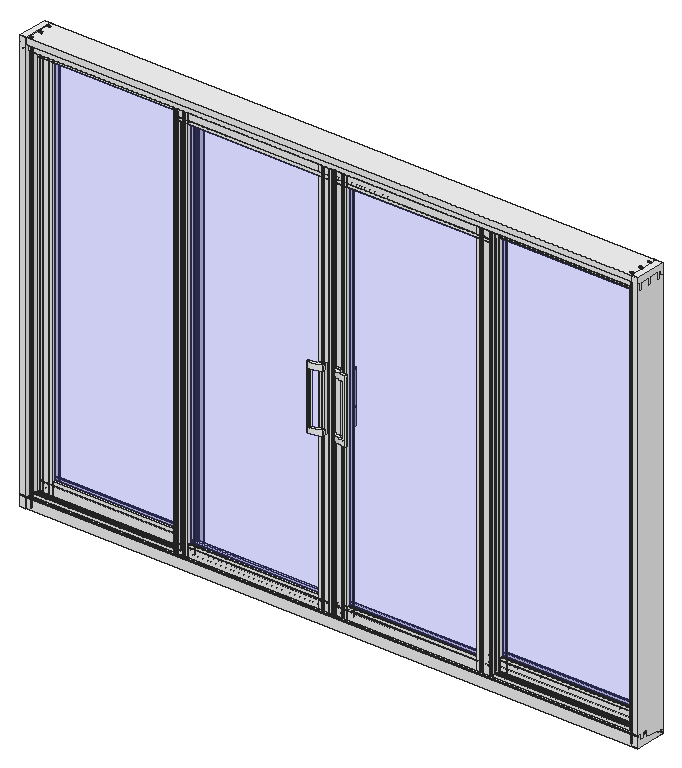
Revit family "Patio-Door_650_4-Light_OXXO_Novatech", category Doors, host Wall, Revit 2026 (continued)
Definition of nested family "NOVATECH 650_4 LIGHT_SASH_O_RIGHT"
  Dimensions and locks (in)
    aligned and locked: nested 4 to plane 2
    aligned and locked: plane 6 to nested 4
    aligned and locked: plane 6 to nested 2
    aligned and locked: plane 5 to nested 4
  Automatic sketch dimensions
    Extrusion 1 sketch curve to plane 1 "Center (Front/Back)" = 0.33268"
    plane 5 to Extrusion 1 sketch curve = 0.78339"
    Extrusion 1 sketch curve to plane 4 = 2.03858"
  Nested families (in)
    nested 1: "NOVATECH_650_3 LIGHT_OXO_SASH_O_SILL" at (-18.89875, 0, -0.90071), type "O SILL"
      with built-in parameter 1001306 3.0452 (stored number, unit not read)
    nested 2: "NOVATECH_650_3 LIGHT_OXO_SASH_O_HEADER" at (-18.89875, 0, 89.3425), type "O HEADER"
      with Length 36.5423"
    nested 3: "NOVATECH_650_3 LIGHT_OXO_SASH_O_RIGHT" at (17.64355, 1.65748, 0) x (0, -1, 0) z (0, 0, 1), type "O RIGHT"
    nested 4: "NOVATECH_650_3 LIGHT_OXO_SASH_O_LEFT" at (-18.98924, 0, -6.90071) x (0, -1, 0) z (0, 0, 1), type "O LEFT"
      with Length 92.84602"
  Definition of nested family "NOVATECH_650_3 LIGHT_OXO_SASH_O_SILL"
    Parameters (values of type "O SILL")
      built-in parameter 1001306 [instance] = 48"
      Frame Material = none
      Default Elevation = 0"
    Reference planes (in)
      plane 1 "Center (Front/Back)": y = 0
      plane 2: z = 0
      plane 3 "Left": x = 0
      plane 4 "Right": x = 48
    Forms (in)
      Extrusion 1, solid, material <- "Frame Material"
        sketch origin (0, 1.73783, -0.73585) x (0, 1, 0) y (0, 0, 1)
          loop
            line (-1.73783, 0.74728) -> (-1.66284, 0.76031) -> (-1.66284, 1.06506) -> (-1.2259, 1.11871) -> (-1.2259, 0.89525) -> (-1.15091, 0.90723) -> (-1.15091, 1.25234) -> (-0.66331, 1.31761) -> (-0.66331, 0.9543) -> (-0.58836, 0.9543) -> (-0.58836, 1.56157) -> (-0.15898, 1.56157) -> (-0.15898, 1.16397) -> (-0.15898, 1.0419) -> (-0.08399, 1.05192) -> (-0.08399, 1.54657)
            arc (-0.08399, 1.54657) -> (-0.11035, 1.6102) -> (-0.17398, 1.63656) r 0.08999
            line (-0.17398, 1.63656) -> (-0.59596, 1.63656) -> (-0.59596, 2.1593)
            arc (-0.59596, 2.1593) -> (-0.53868, 2.17872) -> (-0.57444, 2.2275) r 0.0375
            line (-0.57444, 2.2275) -> (-1.24738, 2.2275)
            arc (-1.24738, 2.2275) -> (-1.28314, 2.17875) -> (-1.2259, 2.15927) r 0.0375
            line (-1.2259, 2.15927) -> (-1.2259, 1.63656) -> (-1.56485, 1.63656) -> (-1.56485, 1.44958) -> (-1.66284, 1.44958) -> (-1.66284, 1.61656) -> (-1.71283, 1.61656)
            arc (-1.71283, 1.61656) -> (-1.73051, 1.60924) -> (-1.73783, 1.59156) r 0.025
            line (-1.73783, 1.59156) -> (-1.73783, 0.74728)
        from 0 to 48
      Extrusion 2, solid, material <- "Frame Material"
        sketch origin (0, -0.42731, -0.73603) x (0, 1, 0) y (0, 0, 1)
          loop
            line (0.42549, 4.17599) -> (0.42549, 1.6958)
            arc (0.42549, 1.6958) -> (0.44279, 1.65404) -> (0.48454, 1.63674) r 0.05906
            line (0.48454, 1.63674) -> (0.80147, 1.63674)
            arc (0.80147, 1.63674) -> (0.84323, 1.65404) -> (0.86053, 1.6958) r 0.05906
            line (0.86053, 1.6958) -> (0.86053, 1.77884) -> (0.80935, 1.77884) -> (0.80935, 1.71585) -> (0.75817, 1.71585) -> (0.75817, 2.02294) -> (0.80935, 2.02294) -> (0.80935, 1.95994) -> (0.86053, 1.95994) -> (0.86053, 2.3454) -> (1.64793, 2.3454) -> (1.64793, 1.95994) -> (1.69911, 1.95994) -> (1.69911, 2.02294) -> (1.75029, 2.02294) -> (1.75029, 1.71585) -> (1.69911, 1.71585) -> (1.69911, 1.77884) -> (1.64793, 1.77884) -> (1.64793, 1.6958)
            arc (1.64793, 1.6958) -> (1.66523, 1.65404) -> (1.70699, 1.63674) r 0.05906
            line (1.70699, 1.63674) -> (2.02392, 1.63674)
            arc (2.02392, 1.63674) -> (2.06567, 1.65404) -> (2.08297, 1.6958) r 0.05906
            line (2.08297, 1.6958) -> (2.08297, 3.55013) -> (2.00423, 3.55013) -> (2.00423, 3.21548) -> (1.81132, 3.21548) -> (1.81132, 3.31391) -> (1.8625, 3.31391) -> (1.8625, 3.55013) -> (1.56667, 3.55013) -> (1.56667, 3.67484) -> (0.66171, 3.67484) -> (0.66171, 4.19825) -> (0.69517, 4.19825) -> (0.69517, 4.23956) -> (0.45091, 4.20523)
            arc (0.45091, 4.20523) -> (0.43273, 4.19536) -> (0.42549, 4.17599) r 0.02953
          loop
            line (1.69517, 4.23762) -> (1.71486, 4.19825) -> (1.71487, 3.5801)
            arc (1.71487, 3.5801) -> (1.72181, 3.56704) -> (1.73652, 3.5655) r 0.01575
            line (1.73652, 3.5655) -> (1.84331, 3.60175) -> (1.92642, 3.54998) -> (1.91529, 3.40448) -> (1.88082, 3.31916)
            arc (1.88082, 3.31916) -> (1.86487, 3.28911) -> (1.88554, 3.26209) r 0.0315
            arc (1.88554, 3.26209) -> (1.92249, 3.26427) -> (1.94809, 3.29101) r 0.05066
            line (1.94809, 3.29101) -> (1.98203, 3.37396) -> (1.99604, 3.55737)
            arc (1.99604, 3.55737) -> (2.00631, 3.57704) -> (2.02845, 3.57867) r 0.0228
            line (2.02845, 3.57867) -> (2.05935, 3.56591)
            arc (2.05935, 3.56591) -> (2.0751, 3.56591) -> (2.08297, 3.57955) r 0.01575
            line (2.08297, 3.57955) -> (2.08297, 4.20809)
            arc (2.08297, 4.20809) -> (2.07432, 4.22897) -> (2.05344, 4.23762) r 0.02953
            line (2.05344, 4.23762) -> (1.69517, 4.23762)
        from 0 to 48
    Lines and regions (in)
      reference lines
        curve 1: line (0, 0.91091, 0) -> (48, 0.91091, 0)
    Dimensions and locks (in)
      "built-in parameter 1001306": plane 3 "Left" to plane 4 "Right"
      aligned and locked: plane 4 "Right" to curve 1
      aligned and locked: plane 3 "Left" to curve 1
      aligned and locked: level to plane 2
      aligned and locked: Extrusion 1 to plane 3 "Left"
      aligned and locked: Extrusion 2 to plane 3 "Left"
      aligned and locked: plane 4 "Right" to Extrusion 2
      aligned and locked: plane 4 "Right" to Extrusion 1
    Automatic sketch dimensions
      plane 1 "Center (Front/Back)" to Extrusion 1 sketch curve = 0"
      Extrusion 1 sketch curve to Extrusion 1 sketch curve = 0.025"
      Extrusion 1 sketch curve to Extrusion 1 sketch curve = 0.07499"  (x4)
      Extrusion 1 sketch curve to Extrusion 1 sketch curve = 0.05"
      Extrusion 1 sketch curve to Extrusion 1 sketch curve = 0.09799"
      Extrusion 1 sketch curve to Extrusion 1 sketch curve = 0.31747"
      Extrusion 1 sketch curve to Extrusion 1 sketch curve = 0.02148"
      Extrusion 1 sketch curve to Extrusion 1 sketch curve = 0.06735"
      Extrusion 1 sketch curve to Extrusion 1 sketch curve = 0.0076"
      Extrusion 1 sketch curve to Extrusion 1 sketch curve = 0.02152"
      Extrusion 1 sketch curve to Extrusion 1 sketch curve = 0.015"
      Extrusion 1 sketch curve to Extrusion 1 sketch curve = 0.01003"
      Extrusion 1 sketch curve to Extrusion 1 sketch curve = 0.22346"
      Extrusion 1 sketch curve to Extrusion 1 sketch curve = 0.12208"
      Extrusion 1 sketch curve to Extrusion 1 sketch curve = 0.13363"
      Extrusion 1 sketch curve to Extrusion 1 sketch curve = 0.3633"
      Extrusion 1 sketch curve to Extrusion 1 sketch curve = 0.38259"
      Extrusion 1 sketch curve to Extrusion 1 sketch curve = 0.02"
      Extrusion 1 sketch curve to Extrusion 1 sketch curve = 0.52271"
      Extrusion 1 sketch curve to Extrusion 1 sketch curve = 0.52274"
      Extrusion 1 sketch curve to Extrusion 1 sketch curve = 0.03071"
      Extrusion 1 sketch curve to Extrusion 1 sketch curve = 0.03074"
      Extrusion 1 sketch curve to Extrusion 1 sketch curve = 0.16698"
      curve 1 to plane 1 "Center (Front/Back)" = 0.91091"
      level to Extrusion 1 sketch curve = 0.01143"
      level to Extrusion 1 sketch curve = 0.1594"
      Extrusion 1 sketch curve to Extrusion 1 sketch curve = 0.43694"
      Extrusion 1 sketch curve to Extrusion 1 sketch curve = 0.42938"
      Extrusion 1 sketch curve to Extrusion 1 sketch curve = 0.04707"
      Extrusion 1 sketch curve to Extrusion 1 sketch curve = 0.08759"
      level to Extrusion 1 sketch curve = 0.02445"
      Extrusion 1 sketch curve to Extrusion 1 sketch curve = 0.16981"
      Extrusion 1 sketch curve to Extrusion 1 sketch curve = 0.01198"
      Extrusion 1 sketch curve to plane 1 "Center (Front/Back)" = 1.07451"
      plane 1 "Center (Front/Back)" to Extrusion 2 sketch curve = 0.00182"
      Extrusion 2 sketch curve to Extrusion 2 sketch curve = 0.02542"
      Extrusion 2 sketch curve to Extrusion 2 sketch curve = 0.02953"
      Extrusion 2 sketch curve to Extrusion 2 sketch curve = 0.05906"  (x3)
      Extrusion 2 sketch curve to Extrusion 2 sketch curve = 0.20669"
      Extrusion 2 sketch curve to Extrusion 2 sketch curve = 0.03346"
      Extrusion 2 sketch curve to Extrusion 2 sketch curve = 0.27362"
      Extrusion 2 sketch curve to Extrusion 2 sketch curve = 0.04331"  (x2)
      Extrusion 2 sketch curve to Extrusion 2 sketch curve = 0.05118"  (x6)
      Extrusion 2 sketch curve to plane 1 "Center (Front/Back)" = 1.13936"
      Extrusion 2 sketch curve to plane 1 "Center (Front/Back)" = 1.22062"
      Extrusion 2 sketch curve to Extrusion 2 sketch curve = 0"  (x2)
      Extrusion 2 sketch curve to plane 1 "Center (Front/Back)" = 1.26786"
      Extrusion 2 sketch curve to Extrusion 2 sketch curve = 0.00787"  (x2)
      Extrusion 2 sketch curve to Extrusion 2 sketch curve = 0.01969"
      Extrusion 2 sketch curve to Extrusion 2 sketch curve = 0.1482"
      Extrusion 2 sketch curve to Extrusion 2 sketch curve = 0.01575"  (x2)
      Extrusion 2 sketch curve to Extrusion 2 sketch curve = 0.0059"
      Extrusion 2 sketch curve to Extrusion 2 sketch curve = 0.0748"
      Extrusion 2 sketch curve to Extrusion 2 sketch curve = 0.1068"
      Extrusion 2 sketch curve to Extrusion 2 sketch curve = 0.01918"
      Extrusion 2 sketch curve to Extrusion 2 sketch curve = 0.01832"
      Extrusion 2 sketch curve to Extrusion 2 sketch curve = 0.01543"
      Extrusion 2 sketch curve to Extrusion 2 sketch curve = 0.00498"
      Extrusion 2 sketch curve to Extrusion 2 sketch curve = 0.03447"
      Extrusion 2 sketch curve to Extrusion 2 sketch curve = 0.06392"
      Extrusion 2 sketch curve to Extrusion 2 sketch curve = 3/64"
      Extrusion 2 sketch curve to Extrusion 2 sketch curve = 0.06673"
      Extrusion 2 sketch curve to Extrusion 2 sketch curve = 0.06962"
      Extrusion 2 sketch curve to Extrusion 2 sketch curve = 0.00819"
      Extrusion 2 sketch curve to Extrusion 2 sketch curve = 0.01461"
      Extrusion 2 sketch curve to plane 1 "Center (Front/Back)" = 1.5966"
      Extrusion 2 sketch curve to Extrusion 2 sketch curve = 0.00961"
      Extrusion 2 sketch curve to plane 1 "Center (Front/Back)" = 1.62613"
      Extrusion 2 sketch curve to Extrusion 2 sketch curve = 0.0309"
      level to Extrusion 2 sketch curve = 0.90071"
      Extrusion 2 sketch curve to Extrusion 2 sketch curve = 0.02005"  (x2)
      Extrusion 2 sketch curve to Extrusion 2 sketch curve = 0.06299"  (x4)
      Extrusion 2 sketch curve to Extrusion 2 sketch curve = 0.1811"  (x2)
      Extrusion 2 sketch curve to Extrusion 2 sketch curve = 0.32247"
      Extrusion 2 sketch curve to Extrusion 2 sketch curve = 0.87008"
      Extrusion 2 sketch curve to Extrusion 2 sketch curve = 0.07552"
      Extrusion 2 sketch curve to Extrusion 2 sketch curve = 0.0007"
      Extrusion 2 sketch curve to Extrusion 2 sketch curve = 0.01855"
      Extrusion 2 sketch curve to Extrusion 2 sketch curve = 0.0222"
      Extrusion 2 sketch curve to Extrusion 2 sketch curve = 0.00526"
      Extrusion 2 sketch curve to Extrusion 2 sketch curve = 0.08296"
      Extrusion 2 sketch curve to Extrusion 2 sketch curve = 0.03052"
      Extrusion 2 sketch curve to Extrusion 2 sketch curve = 0.1455"
      Extrusion 2 sketch curve to Extrusion 2 sketch curve = 0.00014"  (x2)
      Extrusion 2 sketch curve to Extrusion 2 sketch curve = 0.00724"
      Extrusion 2 sketch curve to Extrusion 2 sketch curve = 0.00786"
      Extrusion 2 sketch curve to Extrusion 2 sketch curve = 0.01537"
      Extrusion 2 sketch curve to Extrusion 2 sketch curve = 0.01578"
      Extrusion 2 sketch curve to Extrusion 2 sketch curve = 0.05162"
      Extrusion 2 sketch curve to Extrusion 2 sketch curve = 0.12471"
      Extrusion 2 sketch curve to Extrusion 2 sketch curve = 0.50115"
      Extrusion 2 sketch curve to Extrusion 2 sketch curve = 0.52341"
      Extrusion 2 sketch curve to Extrusion 2 sketch curve = 0.02226"
      Extrusion 2 sketch curve to Extrusion 2 sketch curve = 0.00984"
      Extrusion 2 sketch curve to Extrusion 2 sketch curve = 0.04131"
  Definition of nested family "NOVATECH_650_3 LIGHT_OXO_SASH_O_HEADER"
    Parameters (values of type "O HEADER")
      Length [instance] = 25.4316"
      Frame Material = none
      Default Elevation = 0"
    Reference planes (in)
      plane 1 "Center (Front/Back)": y = 0
      plane 2: z = 0
      plane 3 "Center (Left/Right)": x = 0
      plane 4: x = 25.4316
    Forms (in)
      Extrusion 1, solid, material <- "Frame Material"
        sketch origin (0, 3.99113, -1.74837) x (0, 1, 0) y (0, 0, 1)
          loop
            line (-2.76869, 4.29213) -> (-2.76869, 4.20908) -> (-2.71751, 4.20908) -> (-2.71751, 4.27208) -> (-2.66633, 4.27208) -> (-2.66633, 3.96499) -> (-2.71751, 3.96499) -> (-2.71751, 4.02798) -> (-2.76869, 4.02798) -> (-2.76869, 3.64252) -> (-3.55609, 3.64252) -> (-3.55609, 4.02798) -> (-3.60728, 4.02798) -> (-3.60728, 3.96499) -> (-3.65846, 3.96499) -> (-3.65846, 4.27208) -> (-3.60728, 4.27208) -> (-3.60728, 4.20908) -> (-3.55609, 4.20908) -> (-3.55609, 4.29213)
            arc (-3.55609, 4.29213) -> (-3.57339, 4.33389) -> (-3.61515, 4.35118) r 0.05906
            line (-3.61515, 4.35118) -> (-3.93208, 4.35118)
            arc (-3.93208, 4.35118) -> (-3.97384, 4.33389) -> (-3.99113, 4.29213) r 0.05906
            line (-3.99113, 4.29213) -> (-3.99113, 1.81194)
            arc (-3.99113, 1.81194) -> (-3.98389, 1.79257) -> (-3.96572, 1.7827) r 0.02953
            line (-3.96572, 1.7827) -> (-3.72145, 1.74837) -> (-3.72145, 1.78968) -> (-3.75491, 1.78968) -> (-3.75491, 2.4378) -> (-3.65663, 2.4378) -> (-3.65663, 2.3126) -> (-2.78262, 2.3126) -> (-2.78262, 2.4378) -> (-2.55413, 2.4378) -> (-2.55413, 2.67402) -> (-2.60531, 2.67402) -> (-2.60531, 2.77244) -> (-2.41239, 2.77244) -> (-2.41239, 2.4378) -> (-2.33365, 2.4378) -> (-2.33365, 4.29213)
            arc (-2.33365, 4.29213) -> (-2.35095, 4.33389) -> (-2.39271, 4.35118) r 0.05906
            line (-2.39271, 4.35118) -> (-2.70964, 4.35118)
            arc (-2.70964, 4.35118) -> (-2.7514, 4.33389) -> (-2.76869, 4.29213) r 0.05906
          loop
            line (-2.33365, 1.77983) -> (-2.33365, 2.41424)
            arc (-2.33365, 2.41424) -> (-2.34153, 2.42788) -> (-2.35728, 2.42788) r 0.01575
            line (-2.35728, 2.42788) -> (-2.3867, 2.41134)
            arc (-2.3867, 2.41134) -> (-2.40913, 2.41876) -> (-2.41969, 2.43989) r 0.03079
            line (-2.41969, 2.43989) -> (-2.43129, 2.60578) -> (-2.46833, 2.69723)
            arc (-2.46833, 2.69723) -> (-2.49406, 2.72434) -> (-2.53137, 2.72666) r 0.05107
            arc (-2.53137, 2.72666) -> (-2.55479, 2.69582) -> (-2.53061, 2.66558) r 0.0315
            line (-2.53061, 2.66558) -> (-2.49742, 2.58344) -> (-2.48648, 2.44027) -> (-2.57331, 2.38618) -> (-2.68011, 2.42243)
            arc (-2.68011, 2.42243) -> (-2.69481, 2.42088) -> (-2.70176, 2.40783) r 0.01575
            line (-2.70176, 2.40783) -> (-2.70176, 1.78968) -> (-2.72145, 1.75031) -> (-2.36318, 1.75031)
            arc (-2.36318, 1.75031) -> (-2.3423, 1.75896) -> (-2.33365, 1.77983) r 0.02953
        from 0 to 25.4316
    Dimensions and locks (in)
      "Length": plane 3 "Center (Left/Right)" to plane 4
      aligned and locked: plane 2 to level
      aligned and locked: plane 4 to Extrusion 1
      aligned and locked: Extrusion 1 to plane 3 "Center (Left/Right)"
    Automatic sketch dimensions
      Extrusion 1 sketch curve to level = 0"
      plane 1 "Center (Front/Back)" to Extrusion 1 sketch curve = 0"
      level to Extrusion 1 sketch curve = 0.03433"
      Extrusion 1 sketch curve to Extrusion 1 sketch curve = 0.02542"
      Extrusion 1 sketch curve to Extrusion 1 sketch curve = 0.02953"
      Extrusion 1 sketch curve to Extrusion 1 sketch curve = 0.05906"
      Extrusion 1 sketch curve to Extrusion 1 sketch curve = 0.20669"
      Extrusion 1 sketch curve to Extrusion 1 sketch curve = 0.03346"
      Extrusion 1 sketch curve to Extrusion 1 sketch curve = 0.27362"  (x2)
      Extrusion 1 sketch curve to Extrusion 1 sketch curve = 0.09828"
      Extrusion 1 sketch curve to Extrusion 1 sketch curve = 0.04331"
      Extrusion 1 sketch curve to Extrusion 1 sketch curve = 0.00787"  (x2)
      Extrusion 1 sketch curve to Extrusion 1 sketch curve = 0.05118"  (x4)
      Extrusion 1 sketch curve to plane 1 "Center (Front/Back)" = 1.20852"
      Extrusion 1 sketch curve to plane 1 "Center (Front/Back)" = 1.22244"  (x2)
      Extrusion 1 sketch curve to plane 1 "Center (Front/Back)" = 1.26968"
      Extrusion 1 sketch curve to plane 1 "Center (Front/Back)" = 1.27362"  (x2)
      Extrusion 1 sketch curve to plane 1 "Center (Front/Back)" = 1.2815"
      Extrusion 1 sketch curve to plane 1 "Center (Front/Back)" = 1.28937"
      Extrusion 1 sketch curve to plane 1 "Center (Front/Back)" = 1.28938"
      Extrusion 1 sketch curve to Extrusion 1 sketch curve = 0.01575"  (x2)
      Extrusion 1 sketch curve to Extrusion 1 sketch curve = 0.0059"
      Extrusion 1 sketch curve to plane 1 "Center (Front/Back)" = 1.38583"
      Extrusion 1 sketch curve to Extrusion 1 sketch curve = 0.1068"
      Extrusion 1 sketch curve to Extrusion 1 sketch curve = 0.01918"
      Extrusion 1 sketch curve to Extrusion 1 sketch curve = 0.02352"
      Extrusion 1 sketch curve to Extrusion 1 sketch curve = 0.00731"
      Extrusion 1 sketch curve to Extrusion 1 sketch curve = 0.01494"
      Extrusion 1 sketch curve to Extrusion 1 sketch curve = 0.03319"
      Extrusion 1 sketch curve to Extrusion 1 sketch curve = 0.06765"
      Extrusion 1 sketch curve to Extrusion 1 sketch curve = 0.04734"
      Extrusion 1 sketch curve to Extrusion 1 sketch curve = 0.06613"
      Extrusion 1 sketch curve to Extrusion 1 sketch curve = 0.06679"
      Extrusion 1 sketch curve to Extrusion 1 sketch curve = 0.0073"
      Extrusion 1 sketch curve to Extrusion 1 sketch curve = 0.02341"
      Extrusion 1 sketch curve to Extrusion 1 sketch curve = 0.00228"
      level to Extrusion 1 sketch curve = 0.00194"
      Extrusion 1 sketch curve to Extrusion 1 sketch curve = 0.33858"
      Extrusion 1 sketch curve to Extrusion 1 sketch curve = 0.02942"
      Extrusion 1 sketch curve to Extrusion 1 sketch curve = 0.02362"
      level to Extrusion 1 sketch curve = 0.04131"  (x2)
      Extrusion 1 sketch curve to Extrusion 1 sketch curve = 0.52292"
      Extrusion 1 sketch curve to Extrusion 1 sketch curve = 0.07358"
      Extrusion 1 sketch curve to Extrusion 1 sketch curve = 0.02165"
      Extrusion 1 sketch curve to Extrusion 1 sketch curve = 0"
      Extrusion 1 sketch curve to Extrusion 1 sketch curve = 0.02516"
      Extrusion 1 sketch curve to Extrusion 1 sketch curve = 0.0029"
      Extrusion 1 sketch curve to Extrusion 1 sketch curve = 0.05162"
      Extrusion 1 sketch curve to Extrusion 1 sketch curve = 0.02356"
      Extrusion 1 sketch curve to Extrusion 1 sketch curve = 0.1252"
      Extrusion 1 sketch curve to Extrusion 1 sketch curve = 0.00209"
      Extrusion 1 sketch curve to Extrusion 1 sketch curve = 0.00038"
      Extrusion 1 sketch curve to Extrusion 1 sketch curve = 0.14318"
      Extrusion 1 sketch curve to Extrusion 1 sketch curve = 0.02234"
      Extrusion 1 sketch curve to Extrusion 1 sketch curve = 0.08214"
      Extrusion 1 sketch curve to Extrusion 1 sketch curve = 0.00844"
      Extrusion 1 sketch curve to Extrusion 1 sketch curve = 0.01248"
      Extrusion 1 sketch curve to Extrusion 1 sketch curve = 0.01815"
      Extrusion 1 sketch curve to Extrusion 1 sketch curve = 0.01917"
      Extrusion 1 sketch curve to Extrusion 1 sketch curve = 0.07521"
      Extrusion 1 sketch curve to Extrusion 1 sketch curve = 1.20472"
      Extrusion 1 sketch curve to Extrusion 1 sketch curve = 0.32247"  (x2)
      Extrusion 1 sketch curve to Extrusion 1 sketch curve = 0.06299"  (x4)
      Extrusion 1 sketch curve to Extrusion 1 sketch curve = 0.1811"  (x2)
      Extrusion 1 sketch curve to Extrusion 1 sketch curve = 0.02005"  (x2)
  Definition of nested family "NOVATECH_650_3 LIGHT_OXO_SASH_O_RIGHT"
    Parameters (values of type "O RIGHT")
      Length = 91 121/128"
      Frame Material = none
      Default Elevation = 0"
    Reference planes (in)
      plane 1 "Center (Front/Back)": y = 0
      plane 2: z = 0
      plane 3 "Center (Left/Right)": x = 0
      plane 4: z = 91.94531
    Forms (in)
      Extrusion 1, solid, material <- "Frame Material"
        sketch origin (0, 0, 0) x (1, 0, 0) y (0, 1, 0)
          loop
            arc (1.65748, 2.53924) -> (1.65024, 2.55862) -> (1.63206, 2.56849) r 0.02953
            line (1.63206, 2.56849) -> (1.3878, 2.60281) -> (1.3878, 2.56151) -> (1.42126, 2.56151) -> (1.42126, 1.91339) -> (1.3248, 1.91339) -> (1.3248, 2.03858) -> (0.45079, 2.03858) -> (0.45079, 1.91339) -> (0.22047, 1.91339) -> (0.22047, 1.67717) -> (0.27165, 1.67717) -> (0.27165, 1.57874) -> (0.07874, 1.57874) -> (0.07874, 1.91339) -> (0, 1.91339) -> (0, 0.05906)
            arc (0, 0.05906) -> (0.0173, 0.0173) -> (0.05906, 0) r 0.05906
            line (0.05906, 0) -> (0.37598, 0)
            arc (0.37598, 0) -> (0.41774, 0.0173) -> (0.43504, 0.05906) r 0.05906
            line (0.43504, 0.05906) -> (0.43504, 0.1421) -> (0.38386, 0.1421) -> (0.38386, 0.07911) -> (0.33268, 0.07911) -> (0.33268, 0.3862) -> (0.38386, 0.3862) -> (0.38386, 0.3232) -> (0.43504, 0.3232) -> (0.43504, 0.70866) -> (1.22244, 0.70866) -> (1.22244, 0.3232) -> (1.27362, 0.3232) -> (1.27362, 0.3862) -> (1.3248, 0.3862) -> (1.3248, 0.07911) -> (1.27362, 0.07911) -> (1.27362, 0.1421) -> (1.22244, 0.1421) -> (1.22244, 0.05906)
            arc (1.22244, 0.05906) -> (1.23974, 0.0173) -> (1.2815, 0) r 0.05906
            line (1.2815, 0) -> (1.59843, 0)
            arc (1.59843, 0) -> (1.64018, 0.0173) -> (1.65748, 0.05906) r 0.05906
            line (1.65748, 0.05906) -> (1.65748, 2.53924)
          loop
            line (0, 2.57135) -> (0, 1.93695)
            arc (0, 1.93695) -> (0.00787, 1.92331) -> (0.02362, 1.92331) r 0.01575
            line (0.02362, 1.92331) -> (0.06026, 1.94463)
            arc (0.06026, 1.94463) -> (0.07997, 1.93977) -> (0.08882, 1.9215) r 0.02387
            line (0.08882, 1.9215) -> (0.10187, 1.73494) -> (0.13473, 1.65406)
            arc (0.13473, 1.65406) -> (0.16043, 1.62705) -> (0.19764, 1.62477) r 0.05095
            arc (0.19764, 1.62477) -> (0.21941, 1.64813) -> (0.20959, 1.67851) r 0.0315
            line (0.20959, 1.67851) -> (0.16631, 1.78563) -> (0.15655, 1.91324) -> (0.23966, 1.965) -> (0.34645, 1.92876)
            arc (0.34645, 1.92876) -> (0.36116, 1.9303) -> (0.3681, 1.94336) r 0.01575
            line (0.3681, 1.94336) -> (0.36811, 2.56151) -> (0.3878, 2.60088) -> (0.02953, 2.60088)
            arc (0.02953, 2.60088) -> (0.00865, 2.59223) -> (0, 2.57135) r 0.02953
        from 0 to 91.94531
    Dimensions and locks (in)
      "Length": plane 4 to level
      aligned and locked: plane 2 to level
      aligned and locked: Extrusion 1 to level
      aligned and locked: plane 4 to Extrusion 1
    Automatic sketch dimensions
      Extrusion 1 sketch curve to plane 1 "Center (Front/Back)" = 0"  (x2)
      Extrusion 1 sketch curve to plane 1 "Center (Front/Back)" = 2.57135"
      Extrusion 1 sketch curve to plane 3 "Center (Left/Right)" = 0"
      Extrusion 1 sketch curve to Extrusion 1 sketch curve = 0"  (x3)
      Extrusion 1 sketch curve to Extrusion 1 sketch curve = 0.01575"  (x2)
      Extrusion 1 sketch curve to plane 1 "Center (Front/Back)" = 1.92331"
      Extrusion 1 sketch curve to Extrusion 1 sketch curve = 0.00787"  (x2)
      Extrusion 1 sketch curve to Extrusion 1 sketch curve = 0.02953"  (x2)
      Extrusion 1 sketch curve to Extrusion 1 sketch curve = 0.05906"
      Extrusion 1 sketch curve to plane 1 "Center (Front/Back)" = 1.94463"
      Extrusion 1 sketch curve to Extrusion 1 sketch curve = 0.03664"
      Extrusion 1 sketch curve to Extrusion 1 sketch curve = 0.00468"
      Extrusion 1 sketch curve to Extrusion 1 sketch curve = 0.01379"
      Extrusion 1 sketch curve to plane 1 "Center (Front/Back)" = 1.9215"
      Extrusion 1 sketch curve to Extrusion 1 sketch curve = 0.01008"
      Extrusion 1 sketch curve to plane 1 "Center (Front/Back)" = 1.73494"
      Extrusion 1 sketch curve to Extrusion 1 sketch curve = 0.02313"
      Extrusion 1 sketch curve to plane 1 "Center (Front/Back)" = 1.65406"
      Extrusion 1 sketch curve to Extrusion 1 sketch curve = 0.03286"
      Extrusion 1 sketch curve to plane 1 "Center (Front/Back)" = 1.91324"
      Extrusion 1 sketch curve to Extrusion 1 sketch curve = 0.06773"
      Extrusion 1 sketch curve to plane 1 "Center (Front/Back)" = 1.78563"
      Extrusion 1 sketch curve to Extrusion 1 sketch curve = 0.06444"
      Extrusion 1 sketch curve to Extrusion 1 sketch curve = 0.0472"
      Extrusion 1 sketch curve to Extrusion 1 sketch curve = 0.00674"
      Extrusion 1 sketch curve to plane 1 "Center (Front/Back)" = 1.67851"
      Extrusion 1 sketch curve to Extrusion 1 sketch curve = 0.02766"
      Extrusion 1 sketch curve to Extrusion 1 sketch curve = 0.01089"
      Extrusion 1 sketch curve to plane 1 "Center (Front/Back)" = 1.965"
      Extrusion 1 sketch curve to Extrusion 1 sketch curve = 0.01918"
      Extrusion 1 sketch curve to Extrusion 1 sketch curve = 0.05118"  (x7)
      Extrusion 1 sketch curve to plane 1 "Center (Front/Back)" = 0.07911"
      Extrusion 1 sketch curve to Extrusion 1 sketch curve = 0.27362"  (x2)
      Extrusion 1 sketch curve to plane 1 "Center (Front/Back)" = 1.92876"
      Extrusion 1 sketch curve to Extrusion 1 sketch curve = 0.1068"
      Extrusion 1 sketch curve to Extrusion 1 sketch curve = 0.0059"
      Extrusion 1 sketch curve to plane 1 "Center (Front/Back)" = 1.94336"
      Extrusion 1 sketch curve to plane 1 "Center (Front/Back)" = 2.56151"
      Extrusion 1 sketch curve to Extrusion 1 sketch curve = 0.33858"
      Extrusion 1 sketch curve to Extrusion 1 sketch curve = 0.04331"  (x2)
      Extrusion 1 sketch curve to Extrusion 1 sketch curve = 0.01969"
      Extrusion 1 sketch curve to Extrusion 1 sketch curve = 0.08268"
      Extrusion 1 sketch curve to Extrusion 1 sketch curve = 0.7874"
      Extrusion 1 sketch curve to Extrusion 1 sketch curve = 0.87402"
      Extrusion 1 sketch curve to Extrusion 1 sketch curve = 0.06299"  (x5)
      Extrusion 1 sketch curve to Extrusion 1 sketch curve = 0.03346"
      Extrusion 1 sketch curve to plane 1 "Center (Front/Back)" = 0.05906"
      Extrusion 1 sketch curve to Extrusion 1 sketch curve = 0.00411"
      Extrusion 1 sketch curve to Extrusion 1 sketch curve = 0.02005"
      Extrusion 1 sketch curve to Extrusion 1 sketch curve = 0.1811"  (x2)
      Extrusion 1 sketch curve to Extrusion 1 sketch curve = 0.32247"
      Extrusion 1 sketch curve to Extrusion 1 sketch curve = 0.07532"
      Extrusion 1 sketch curve to Extrusion 1 sketch curve = 0.02355"
      Extrusion 1 sketch curve to Extrusion 1 sketch curve = 0.01827"
      Extrusion 1 sketch curve to Extrusion 1 sketch curve = 0.00135"
      Extrusion 1 sketch curve to Extrusion 1 sketch curve = 0.02356"
      Extrusion 1 sketch curve to Extrusion 1 sketch curve = 0.02997"
      Extrusion 1 sketch curve to Extrusion 1 sketch curve = 0.1252"
      Extrusion 1 sketch curve to Extrusion 1 sketch curve = 0.50066"
      Extrusion 1 sketch curve to Extrusion 1 sketch curve = 0.02226"
      Extrusion 1 sketch curve to Extrusion 1 sketch curve = 0.04131"
  Definition of nested family "NOVATECH_650_3 LIGHT_OXO_SASH_O_LEFT"
    Parameters (values of type "O LEFT")
      Length [instance] = 91 121/128"
      Frame Material = none
      Default Elevation = 0"
    Reference planes (in)
      plane 1 "Center (Front/Back)": y = 0
      plane 2: z = 6
      plane 3 "Center (Left/Right)": x = 0
      plane 4: z = 97.94531
      plane 5: y = 1.34568
    Forms (in)
      Extrusion 1, solid, material <- "Frame Material"
        sketch origin (0, 0, 0) x (1, 0, 0) y (0, 1, 0)
          loop
            arc (0, 2.62973) -> (-0.00724, 2.6491) -> (-0.02542, 2.65897) r 0.02953
            line (-0.02542, 2.65897) -> (-0.2697, 2.6933) -> (-0.2697, 2.65199) -> (-0.23622, 2.65199) -> (-0.23622, 2.00387) -> (-0.33269, 2.00387) -> (-0.33269, 2.12907) -> (-1.20671, 2.12907) -> (-1.20671, 2.00387) -> (-1.43701, 2.00387) -> (-1.43701, 1.76765) -> (-1.38583, 1.76765) -> (-1.38583, 1.66923) -> (-1.57874, 1.66923) -> (-1.57874, 2.00387) -> (-1.65748, 2.00387) -> (-1.65748, 0.14954)
            arc (-1.65748, 0.14954) -> (-1.64018, 0.10778) -> (-1.59843, 0.09049) r 0.05906
            line (-1.59843, 0.09049) -> (-1.2815, 0.09049)
            arc (-1.2815, 0.09049) -> (-1.23974, 0.10778) -> (-1.22244, 0.14954) r 0.05906
            line (-1.22244, 0.14954) -> (-1.22244, 0.21684)
            arc (-1.22244, 0.21684) -> (-1.24803, 0.23208) -> (-1.27362, 0.21684) r 0.02911
            line (-1.27362, 0.21684) -> (-1.27362, 0.18534)
            arc (-1.27362, 0.18534) -> (-1.29921, 0.16614) -> (-1.3248, 0.18534) r 0.02665
            line (-1.3248, 0.18534) -> (-1.3248, 0.46093)
            arc (-1.3248, 0.46093) -> (-1.29921, 0.47787) -> (-1.27362, 0.46093) r 0.0278
            line (-1.27362, 0.46093) -> (-1.27362, 0.42944)
            arc (-1.27362, 0.42944) -> (-1.24803, 0.41044) -> (-1.22244, 0.42944) r 0.02674
            line (-1.22244, 0.42944) -> (-1.22244, 0.79915) -> (-0.43504, 0.79915) -> (-0.43504, 0.42944)
            arc (-0.43504, 0.42944) -> (-0.40945, 0.41134) -> (-0.38386, 0.42944) r 0.02714
            line (-0.38386, 0.42944) -> (-0.38386, 0.46093)
            arc (-0.38386, 0.46093) -> (-0.35827, 0.47851) -> (-0.33268, 0.46093) r 0.02742
            line (-0.33268, 0.46093) -> (-0.33268, 0.18534)
            arc (-0.33268, 0.18534) -> (-0.35827, 0.16767) -> (-0.38386, 0.18534) r 0.02737
            line (-0.38386, 0.18534) -> (-0.38386, 0.21684)
            arc (-0.38386, 0.21684) -> (-0.40945, 0.23441) -> (-0.43504, 0.21684) r 0.02742
            line (-0.43504, 0.21684) -> (-0.43504, 0.14954)
            arc (-0.43504, 0.14954) -> (-0.41774, 0.10778) -> (-0.37598, 0.09049) r 0.05906
            line (-0.37598, 0.09049) -> (-0.05906, 0.09049)
            arc (-0.05906, 0.09049) -> (-0.0173, 0.10778) -> (0, 0.14954) r 0.05906
            line (0, 0.14954) -> (0, 2.62973)
          loop
            line (-1.26968, 2.69136) -> (-1.63186, 2.69136)
            arc (-1.63186, 2.69136) -> (-1.65274, 2.68271) -> (-1.66139, 2.66184) r 0.02953
            line (-1.66139, 2.66184) -> (-1.66139, 2.03134)
            arc (-1.66139, 2.03134) -> (-1.65351, 2.0177) -> (-1.63776, 2.0177) r 0.01575
            line (-1.63776, 2.0177) -> (-1.60447, 2.02776)
            arc (-1.60447, 2.02776) -> (-1.5765, 2.02149) -> (-1.56742, 1.9943) r 0.02915
            line (-1.56742, 1.9943) -> (-1.55564, 1.8258) -> (-1.5226, 1.74475)
            arc (-1.5226, 1.74475) -> (-1.49938, 1.71919) -> (-1.46518, 1.71446) r 0.05066
            arc (-1.46518, 1.71446) -> (-1.44119, 1.73462) -> (-1.44649, 1.76552) r 0.0315
            line (-1.44649, 1.76552) -> (-1.49117, 1.87611) -> (-1.50093, 2.00373) -> (-1.41782, 2.05549) -> (-1.31103, 2.01924)
            arc (-1.31103, 2.01924) -> (-1.29632, 2.02079) -> (-1.28938, 2.03384) r 0.01575
            line (-1.28938, 2.03384) -> (-1.28937, 2.65199) -> (-1.26968, 2.69136)
          loop
            line (-0.00211, 0.03937) -> (-0.00211, 0.07978)
            arc (-0.00211, 0.07978) -> (-0.03593, 0.08542) -> (-0.06479, 0.06693) r 0.04772
            line (-0.06479, 0.06693) -> (-0.47548, 0.06693) -> (-0.43728, 0.25591) -> (-0.38775, 0.25591)
            arc (-0.38775, 0.25591) -> (-0.37304, 0.26603) -> (-0.37725, 0.28339) r 0.01575
            line (-0.37725, 0.28339) -> (-0.48021, 0.397)
            arc (-0.48021, 0.397) -> (-0.50305, 0.39997) -> (-0.51354, 0.37946) r 0.02
            line (-0.51354, 0.37946) -> (-0.49602, 0.25591) -> (-0.53342, 0.07087) -> (-1.12397, 0.07087) -> (-1.16137, 0.25591) -> (-1.14388, 0.37069)
            arc (-1.14388, 0.37069) -> (-1.15425, 0.39135) -> (-1.17718, 0.38843) r 0.02
            line (-1.17718, 0.38843) -> (-1.26861, 0.27418)
            arc (-1.26861, 0.27418) -> (-1.27096, 0.25494) -> (-1.2548, 0.24424) r 0.01844
            line (-1.2548, 0.24424) -> (-1.21775, 0.24424) -> (-1.18191, 0.06693) -> (-1.90877, 0.06693)
            arc (-1.90877, 0.06693) -> (-1.9366, 0.07846) -> (-1.94814, 0.1063) r 0.03937
            line (-1.94814, 0.1063) -> (-1.94814, 0.65641) -> (-1.88892, 0.65641) -> (-1.88892, 0.81723) -> (-1.67827, 0.81723) -> (-1.67827, 0.88415) -> (-1.88892, 0.88415) -> (-1.88892, 1.06988) -> (-1.91798, 1.10788) -> (-1.91798, 1.49105) -> (-1.97857, 1.596)
            arc (-1.97857, 1.596) -> (-1.9796, 1.62721) -> (-2.00807, 1.64005) r 0.02953
            arc (-2.00807, 1.64005) -> (-2.03144, 1.63301) -> (-2.04153, 1.61078) r 0.02953
            line (-2.04153, 1.61078) -> (-2.04153, 1.5712) -> (-1.98491, 1.47312) -> (-1.98491, 1.1048)
            arc (-1.98491, 1.1048) -> (-1.99337, 1.08863) -> (-2.01148, 1.08636) r 0.01969
            arc (-2.01148, 1.08636) -> (-2.04528, 1.0621) -> (-2.05821, 1.02255) r 0.06693
            line (-2.05821, 1.02255) -> (-2.05804, 0.97924)
            arc (-2.05804, 0.97924) -> (-2.03245, 0.96046) -> (-2.00686, 0.97924) r 0.02682
            line (-2.00686, 0.97924) -> (-2.00703, 1.01074)
            arc (-2.00703, 1.01074) -> (-1.98144, 1.03036) -> (-1.95585, 1.01074) r 0.0265
            line (-1.95585, 1.01074) -> (-1.95585, 0.73515)
            arc (-1.95585, 0.73515) -> (-1.98144, 0.71657) -> (-2.00703, 0.73515) r 0.02691
            line (-2.00703, 0.73515) -> (-2.00703, 0.77452)
            arc (-2.00703, 0.77452) -> (-2.03262, 0.79092) -> (-2.05821, 0.77452) r 0.02817
            line (-2.05821, 0.77452) -> (-2.05821, 0.72334)
            arc (-2.05821, 0.72334) -> (-2.04638, 0.68534) -> (-2.01506, 0.66078) r 0.06693
            line (-2.01506, 0.66078) -> (-2.01506, 0.07874)
            arc (-2.01506, 0.07874) -> (-1.992, 0.02306) -> (-1.93632, 0) r 0.07874
            line (-1.93632, 0) -> (-0.04148, 0)
            arc (-0.04148, 0) -> (-0.01364, 0.01153) -> (-0.00211, 0.03937) r 0.03937
        from 6 to 97.94531
    Dimensions and locks (in)
      "Length": plane 4 to plane 2
      aligned and locked: plane 4 to Extrusion 1
      aligned and locked: Extrusion 1 to plane 2
      aligned and locked: Extrusion 1 to plane 4
    Automatic sketch dimensions
      Extrusion 1 sketch curve to plane 3 "Center (Left/Right)" = 0"
      Extrusion 1 sketch curve to plane 3 "Center (Left/Right)" = 0.00211"
      Extrusion 1 sketch curve to plane 3 "Center (Left/Right)" = 0.02542"
      Extrusion 1 sketch curve to Extrusion 1 sketch curve = 0.02423"
      Extrusion 1 sketch curve to plane 3 "Center (Left/Right)" = 0.02953"
      Extrusion 1 sketch curve to Extrusion 1 sketch curve = 0.01514"
      Extrusion 1 sketch curve to Extrusion 1 sketch curve = 0.01757"
      Extrusion 1 sketch curve to Extrusion 1 sketch curve = 0.00574"
      Extrusion 1 sketch curve to plane 3 "Center (Left/Right)" = 0.23622"
      Extrusion 1 sketch curve to Extrusion 1 sketch curve = 0.03348"
      Extrusion 1 sketch curve to plane 3 "Center (Left/Right)" = 0.33268"
      Extrusion 1 sketch curve to Extrusion 1 sketch curve = 0.09647"
      Extrusion 1 sketch curve to Extrusion 1 sketch curve = 0.02559"  (x18)
      Extrusion 1 sketch curve to Extrusion 1 sketch curve = 0.01772"
      Extrusion 1 sketch curve to Extrusion 1 sketch curve = 0.01898"
      Extrusion 1 sketch curve to Extrusion 1 sketch curve = 0.0105"
      Extrusion 1 sketch curve to Extrusion 1 sketch curve = 0.05906"
      Extrusion 1 sketch curve to Extrusion 1 sketch curve = 0.05118"  (x2)
      Extrusion 1 sketch curve to Extrusion 1 sketch curve = 0.00224"
      Extrusion 1 sketch curve to plane 1 "Center (Front/Back)" = 0.06693"  (x2)
      Extrusion 1 sketch curve to Extrusion 1 sketch curve = 0.04044"
      Extrusion 1 sketch curve to Extrusion 1 sketch curve = 0.04517"
      Extrusion 1 sketch curve to Extrusion 1 sketch curve = 0.01353"  (x2)
      Extrusion 1 sketch curve to Extrusion 1 sketch curve = 0.05874"
      Extrusion 1 sketch curve to Extrusion 1 sketch curve = 0.0198"
      Extrusion 1 sketch curve to plane 1 "Center (Front/Back)" = 0.07087"
      Extrusion 1 sketch curve to Extrusion 1 sketch curve = 0.05794"  (x2)
      Extrusion 1 sketch curve to Extrusion 1 sketch curve = 0.59055"
      Extrusion 1 sketch curve to plane 1 "Center (Front/Back)" = 0.37069"
      Extrusion 1 sketch curve to Extrusion 1 sketch curve = 0.01991"
      Extrusion 1 sketch curve to plane 1 "Center (Front/Back)" = 0.25591"
      Extrusion 1 sketch curve to Extrusion 1 sketch curve = 0.01749"
      Extrusion 1 sketch curve to Extrusion 1 sketch curve = 0.01977"
      Extrusion 1 sketch curve to plane 1 "Center (Front/Back)" = 0.38843"
      Extrusion 1 sketch curve to Extrusion 1 sketch curve = 0.87402"
      Extrusion 1 sketch curve to Extrusion 1 sketch curve = 0.05638"
      Extrusion 1 sketch curve to Extrusion 1 sketch curve = 0.04526"
      Extrusion 1 sketch curve to Extrusion 1 sketch curve = 0.00469"
      Extrusion 1 sketch curve to Extrusion 1 sketch curve = 0.03646"
      Extrusion 1 sketch curve to Extrusion 1 sketch curve = 0.00059"
      Extrusion 1 sketch curve to plane 1 "Center (Front/Back)" = 0.27418"
      Extrusion 1 sketch curve to Extrusion 1 sketch curve = 0.01439"
      Extrusion 1 sketch curve to Extrusion 1 sketch curve = 0.06298"
      Extrusion 1 sketch curve to Extrusion 1 sketch curve = 0.00787"  (x3)
      Extrusion 1 sketch curve to Extrusion 1 sketch curve = 0.01969"  (x2)
      Extrusion 1 sketch curve to Extrusion 1 sketch curve = 0.08267"
      Extrusion 1 sketch curve to Extrusion 1 sketch curve = 0.01575"  (x4)
      Extrusion 1 sketch curve to Extrusion 1 sketch curve = 0.0059"
      Extrusion 1 sketch curve to Extrusion 1 sketch curve = 0.0748"
      Extrusion 1 sketch curve to Extrusion 1 sketch curve = 0.1068"
      Extrusion 1 sketch curve to Extrusion 1 sketch curve = 0.00948"
      Extrusion 1 sketch curve to Extrusion 1 sketch curve = 0.02428"
      Extrusion 1 sketch curve to Extrusion 1 sketch curve = 0.00498"
      Extrusion 1 sketch curve to Extrusion 1 sketch curve = 0.01543"
      Extrusion 1 sketch curve to Extrusion 1 sketch curve = 0.06392"
      Extrusion 1 sketch curve to Extrusion 1 sketch curve = 3/64"
      Extrusion 1 sketch curve to Extrusion 1 sketch curve = 0.06447"
      Extrusion 1 sketch curve to Extrusion 1 sketch curve = 0.0665"
      Extrusion 1 sketch curve to Extrusion 1 sketch curve = 0.01132"
      Extrusion 1 sketch curve to Extrusion 1 sketch curve = 0.0173"
      Extrusion 1 sketch curve to plane 1 "Center (Front/Back)" = 0.09049"  (x2)
      Extrusion 1 sketch curve to Extrusion 1 sketch curve = 0.27362"
      Extrusion 1 sketch curve to Extrusion 1 sketch curve = 0.00843"
      Extrusion 1 sketch curve to Extrusion 1 sketch curve = 0.34249"
      Extrusion 1 sketch curve to Extrusion 1 sketch curve = 0.0333"
      Extrusion 1 sketch curve to Extrusion 1 sketch curve = 0.01972"
      Extrusion 1 sketch curve to Extrusion 1 sketch curve = 0.02953"  (x2)
      Extrusion 1 sketch curve to Extrusion 1 sketch curve = 0.45582"
      Extrusion 1 sketch curve to Extrusion 1 sketch curve = 0.21066"
      Extrusion 1 sketch curve to Extrusion 1 sketch curve = 0"  (x3)
      Extrusion 1 sketch curve to plane 1 "Center (Front/Back)" = 0.1063"
      Extrusion 1 sketch curve to Extrusion 1 sketch curve = 0.25129"
      Extrusion 1 sketch curve to Extrusion 1 sketch curve = 0.02906"
      Extrusion 1 sketch curve to Extrusion 1 sketch curve = 0.02756"
      Extrusion 1 sketch curve to Extrusion 1 sketch curve = 0.06693"  (x4)
      Extrusion 1 sketch curve to Extrusion 1 sketch curve = 0.06059"
      Extrusion 1 sketch curve to Extrusion 1 sketch curve = 0.00984"  (x5)
      Extrusion 1 sketch curve to Extrusion 1 sketch curve = 0.02556"
      Extrusion 1 sketch curve to plane 1 "Center (Front/Back)" = 0.97924"  (x2)
      Extrusion 1 sketch curve to Extrusion 1 sketch curve = 0.02542"
      Extrusion 1 sketch curve to plane 1 "Center (Front/Back)" = 1.01074"
      Extrusion 1 sketch curve to plane 1 "Center (Front/Back)" = 1.02255"
      Extrusion 1 sketch curve to Extrusion 1 sketch curve = 0.00017"
      Extrusion 1 sketch curve to Extrusion 1 sketch curve = 0.0007"  (x2)
      Extrusion 1 sketch curve to Extrusion 1 sketch curve = 0.0358"  (x2)
      Extrusion 1 sketch curve to Extrusion 1 sketch curve = 0.00745"
      Extrusion 1 sketch curve to Extrusion 1 sketch curve = 0.0097"
      Extrusion 1 sketch curve to Extrusion 1 sketch curve = 0.01763"
      Extrusion 1 sketch curve to Extrusion 1 sketch curve = 0.02165"  (x2)
      Extrusion 1 sketch curve to Extrusion 1 sketch curve = 0.01387"
      Extrusion 1 sketch curve to Extrusion 1 sketch curve = 0.02994"
      Extrusion 1 sketch curve to Extrusion 1 sketch curve = 5/128"  (x2)
      Extrusion 1 sketch curve to Extrusion 1 sketch curve = 0.12355"
      Extrusion 1 sketch curve to Extrusion 1 sketch curve = 0.00281"
      Extrusion 1 sketch curve to Extrusion 1 sketch curve = 0.04101"
      Extrusion 1 sketch curve to Extrusion 1 sketch curve = 0.03244"
      Extrusion 1 sketch curve to Extrusion 1 sketch curve = 0.00774"
      Extrusion 1 sketch curve to Extrusion 1 sketch curve = 0.00904"
      Extrusion 1 sketch curve to Extrusion 1 sketch curve = 0.02064"
      Extrusion 1 sketch curve to Extrusion 1 sketch curve = 0.01086"
      Extrusion 1 sketch curve to Extrusion 1 sketch curve = 0.32283"
      Extrusion 1 sketch curve to Extrusion 1 sketch curve = 0.00437"
      Extrusion 1 sketch curve to Extrusion 1 sketch curve = 0.01181"
      Extrusion 1 sketch curve to Extrusion 1 sketch curve = 0.02015"
      Extrusion 1 sketch curve to Extrusion 1 sketch curve = 0.0276"
      Extrusion 1 sketch curve to Extrusion 1 sketch curve = 0.01177"
      Extrusion 1 sketch curve to Extrusion 1 sketch curve = 0.33821"
      Extrusion 1 sketch curve to Extrusion 1 sketch curve = 0.08207"
      Extrusion 1 sketch curve to Extrusion 1 sketch curve = 0.00804"
      Extrusion 1 sketch curve to Extrusion 1 sketch curve = 0.01869"
      Extrusion 1 sketch curve to Extrusion 1 sketch curve = 0.05914"
      Extrusion 1 sketch curve to Extrusion 1 sketch curve = 0.08225"
      Extrusion 1 sketch curve to Extrusion 1 sketch curve = 0.03799"
      Extrusion 1 sketch curve to Extrusion 1 sketch curve = 0.36832"
      Extrusion 1 sketch curve to Extrusion 1 sketch curve = 0.01793"
      Extrusion 1 sketch curve to Extrusion 1 sketch curve = 0.09808"
      Extrusion 1 sketch curve to Extrusion 1 sketch curve = 0.0248"
      Extrusion 1 sketch curve to Extrusion 1 sketch curve = 0.03959"
      Extrusion 1 sketch curve to Extrusion 1 sketch curve = 0.17817"
      Extrusion 1 sketch curve to Extrusion 1 sketch curve = 0.07552"
      Extrusion 1 sketch curve to Extrusion 1 sketch curve = 0.01855"
      Extrusion 1 sketch curve to Extrusion 1 sketch curve = 0.00151"
      Extrusion 1 sketch curve to Extrusion 1 sketch curve = 0.00214"
      Extrusion 1 sketch curve to Extrusion 1 sketch curve = 0.08105"
      Extrusion 1 sketch curve to Extrusion 1 sketch curve = 0.05032"
      Extrusion 1 sketch curve to Extrusion 1 sketch curve = 0.11819"
      Extrusion 1 sketch curve to Extrusion 1 sketch curve = 0.00555"
      Extrusion 1 sketch curve to Extrusion 1 sketch curve = 0.00942"
      Extrusion 1 sketch curve to Extrusion 1 sketch curve = 0.00957"
      Extrusion 1 sketch curve to Extrusion 1 sketch curve = 0.23622"
      Extrusion 1 sketch curve to Extrusion 1 sketch curve = 0.00014"
      Extrusion 1 sketch curve to Extrusion 1 sketch curve = 0.01383"
      Extrusion 1 sketch curve to Extrusion 1 sketch curve = 0.01537"
      Extrusion 1 sketch curve to Extrusion 1 sketch curve = 0.05162"
      Extrusion 1 sketch curve to Extrusion 1 sketch curve = 0.1252"
      Extrusion 1 sketch curve to Extrusion 1 sketch curve = 0.50066"
      Extrusion 1 sketch curve to Extrusion 1 sketch curve = 0.52292"
      Extrusion 1 sketch curve to Extrusion 1 sketch curve = 0.02226"
      Extrusion 1 sketch curve to Extrusion 1 sketch curve = 0.04131"
      plane 1 "Center (Front/Back)" to Extrusion 1 sketch curve = 0"
Definition of nested family "NOVATECH 650_4 LIGHT_SASH_X_RIGHT"
  Parameters (values of type "SASH_O")
    Width = 35.28711"
    Panel Material = none
    Height = 91 121/128"
    Frame Material = none
    Default Elevation = 0"
  Reference planes (in)
    plane 1 "Center (Front/Back)": y = 0
    plane 2: z = 0
    plane 3 "Center (Left/Right)": x = 0
    plane 4: x = 17.64355
    plane 5: x = -17.64355
    plane 6: z = 91.94531
    plane 7: y = 0.7697
  Forms (in)
    Extrusion 1, solid, material <- "Panel Material"
      sketch origin (53.04805, -3.42098, -6.62158) x (1, 0, 0) y (0, 1, 0)
        loop
          line (-68.58309, 4.62769) -> (-68.58309, 3.75367) -> (-36.1855, 3.75367) -> (-36.1855, 4.62769) -> (-68.58309, 4.62769)
      from 8.65968 to 96.52831
  Dimensions and locks (in)
    "Height": plane 6 to level
    "Width": plane 4 to plane 5
    equal spacing: plane 4, plane 3 "Center (Left/Right)", plane 5
    locked: Extrusion 1 sketch curve to Extrusion 1 sketch curve at 0.87402
    locked: plane 5 to Extrusion 1 at 2.10852
    Extrusion 1 to plane 4 = 0.78101"
    locked: plane 6 to Extrusion 1 at 2.03858
    locked: Extrusion 1 to level at 2.0381
    locked: plane 1 "Center (Front/Back)" to Extrusion 1 at 0.33269
    locked: plane 5 to nested 2 at 0.06993
    locked: plane 5 to nested 1 at 0.06993
    locked: plane 4 to nested 2 at 1.2571
    locked: plane 4 to nested 1 at 1.2571
    aligned and locked: plane 2 to level
    aligned and locked: plane 1 "Center (Front/Back)" to nested 1
    aligned and locked: plane 1 "Center (Front/Back)" to nested 2
    aligned and locked: plane 1 "Center (Front/Back)" to nested 3  (x2)
    aligned and locked: plane 6 to nested 3
    aligned and locked: nested 4 to plane 1 "Center (Front/Back)"
    aligned and locked: plane 6 to nested 2
    aligned and locked: plane 6 to nested 4
    aligned and locked: nested 3 to plane 5
    aligned and locked: nested 4 to plane 4
    aligned and locked: nested 1 to level
  Automatic sketch dimensions
    Extrusion 1 sketch curve to plane 1 "Center (Front/Back)" = 0.33269"
    plane 5 to Extrusion 1 sketch curve = 2.10852"
    Extrusion 1 sketch curve to plane 4 = 0.78101"
  Nested families (in)
    nested 1: "NOVATECH_650_3 LIGHT_OXO_SASH_O_SILL" at (-17.57362, 0, 0), type "O SILL"
      with built-in parameter 1001306 3.0395 (stored number, unit not read)
    nested 2: "NOVATECH_650_3 LIGHT_OXO_SASH_O_HEADER" at (-17.57362, 0, 89.3425), type "O HEADER"
      with Length 36.47427"
    nested 3: "NOVATECH_650_2 LIGHT_SASH_O_LEFT" at (-17.64355, 0, 0) x (0, -1, 0) z (0, 0, 1), type "NOVATECH_650_2 LIGHT_SASH_X_RIGHT"
    nested 4: "NOVATECH_650_2 LIGHT_SASH_O_RIGHT" at (18.98733, 0, 0) x (0, 1, 0) z (0, 0, 1), type "NOVATECH_650_2 LIGHT_SASH_O_LEFT"
  Definition of nested family "NOVATECH_650_3 LIGHT_OXO_SASH_O_SILL"
    Parameters (values of type "O SILL")
      built-in parameter 1001306 [instance] = 48"
      Frame Material = none
      Default Elevation = 0"
    Reference planes (in)
      plane 1 "Center (Front/Back)": y = 0
      plane 2: z = 0
      plane 3 "Left": x = 0
      plane 4 "Right": x = 48
    Forms (in)
      Extrusion 1, solid, material <- "Frame Material"
        sketch origin (0, -0.42731, -1.63674) x (0, 1, 0) y (0, 0, 1)
          loop
            line (0.42549, 4.17599) -> (0.42549, 1.6958)
            arc (0.42549, 1.6958) -> (0.44279, 1.65404) -> (0.48454, 1.63674) r 0.05906
            line (0.48454, 1.63674) -> (0.80147, 1.63674)
            arc (0.80147, 1.63674) -> (0.84323, 1.65404) -> (0.86053, 1.6958) r 0.05906
            line (0.86053, 1.6958) -> (0.86053, 1.77884) -> (0.80935, 1.77884) -> (0.80935, 1.71585) -> (0.75817, 1.71585) -> (0.75817, 2.02294) -> (0.80935, 2.02294) -> (0.80935, 1.95994) -> (0.86053, 1.95994) -> (0.86053, 2.3454) -> (1.64793, 2.3454) -> (1.64793, 1.95994) -> (1.69911, 1.95994) -> (1.69911, 2.02294) -> (1.75029, 2.02294) -> (1.75029, 1.71585) -> (1.69911, 1.71585) -> (1.69911, 1.77884) -> (1.64793, 1.77884) -> (1.64793, 1.6958)
            arc (1.64793, 1.6958) -> (1.66523, 1.65404) -> (1.70699, 1.63674) r 0.05906
            line (1.70699, 1.63674) -> (2.02392, 1.63674)
            arc (2.02392, 1.63674) -> (2.06567, 1.65404) -> (2.08297, 1.6958) r 0.05906
            line (2.08297, 1.6958) -> (2.08297, 3.55013) -> (2.00423, 3.55013) -> (2.00423, 3.21548) -> (1.81132, 3.21548) -> (1.81132, 3.31391) -> (1.8625, 3.31391) -> (1.8625, 3.55013) -> (1.56667, 3.55013) -> (1.56667, 3.67484) -> (0.66171, 3.67484) -> (0.66171, 4.19825) -> (0.69517, 4.19825) -> (0.69517, 4.23956) -> (0.45091, 4.20523)
            arc (0.45091, 4.20523) -> (0.43273, 4.19536) -> (0.42549, 4.17599) r 0.02953
          loop
            line (1.69517, 4.23762) -> (1.71486, 4.19825) -> (1.71487, 3.5801)
            arc (1.71487, 3.5801) -> (1.72181, 3.56704) -> (1.73652, 3.5655) r 0.01575
            line (1.73652, 3.5655) -> (1.84331, 3.60175) -> (1.92642, 3.54998) -> (1.91529, 3.40448) -> (1.88082, 3.31916)
            arc (1.88082, 3.31916) -> (1.86487, 3.28911) -> (1.88554, 3.26209) r 0.0315
            arc (1.88554, 3.26209) -> (1.92249, 3.26427) -> (1.94809, 3.29101) r 0.05066
            line (1.94809, 3.29101) -> (1.98203, 3.37396) -> (1.99604, 3.55737)
            arc (1.99604, 3.55737) -> (2.00631, 3.57704) -> (2.02845, 3.57867) r 0.0228
            line (2.02845, 3.57867) -> (2.05935, 3.56591)
            arc (2.05935, 3.56591) -> (2.0751, 3.56591) -> (2.08297, 3.57955) r 0.01575
            line (2.08297, 3.57955) -> (2.08297, 4.20809)
            arc (2.08297, 4.20809) -> (2.07432, 4.22897) -> (2.05344, 4.23762) r 0.02953
            line (2.05344, 4.23762) -> (1.69517, 4.23762)
        from 0 to 48
    Lines and regions (in)
      reference lines
        curve 1: line (0, 0.91091, 0) -> (48, 0.91091, 0)
    Dimensions and locks (in)
      "built-in parameter 1001306": plane 3 "Left" to plane 4 "Right"
      aligned and locked: plane 4 "Right" to curve 1
      aligned and locked: plane 3 "Left" to curve 1
      aligned and locked: level to plane 2
      aligned and locked: Extrusion 1 to plane 3 "Left"
      aligned and locked: plane 4 "Right" to Extrusion 1
    Automatic sketch dimensions
      curve 1 to plane 1 "Center (Front/Back)" = 0.91091"
      plane 1 "Center (Front/Back)" to Extrusion 1 sketch curve = 0.00182"
      Extrusion 1 sketch curve to Extrusion 1 sketch curve = 0.02542"
      Extrusion 1 sketch curve to Extrusion 1 sketch curve = 0.02953"
      Extrusion 1 sketch curve to Extrusion 1 sketch curve = 0.05906"  (x3)
      Extrusion 1 sketch curve to Extrusion 1 sketch curve = 0.20669"
      Extrusion 1 sketch curve to Extrusion 1 sketch curve = 0.03346"
      Extrusion 1 sketch curve to Extrusion 1 sketch curve = 0.27362"
      Extrusion 1 sketch curve to Extrusion 1 sketch curve = 0.04331"  (x2)
      Extrusion 1 sketch curve to Extrusion 1 sketch curve = 0.05118"  (x6)
      Extrusion 1 sketch curve to plane 1 "Center (Front/Back)" = 1.13936"
      Extrusion 1 sketch curve to plane 1 "Center (Front/Back)" = 1.22062"
      Extrusion 1 sketch curve to Extrusion 1 sketch curve = 0"  (x2)
      Extrusion 1 sketch curve to plane 1 "Center (Front/Back)" = 1.26786"
      Extrusion 1 sketch curve to Extrusion 1 sketch curve = 0.00787"  (x2)
      Extrusion 1 sketch curve to Extrusion 1 sketch curve = 0.01969"
      Extrusion 1 sketch curve to Extrusion 1 sketch curve = 0.1482"
      Extrusion 1 sketch curve to Extrusion 1 sketch curve = 0.01575"  (x2)
      Extrusion 1 sketch curve to Extrusion 1 sketch curve = 0.0059"
      Extrusion 1 sketch curve to Extrusion 1 sketch curve = 0.0748"
      Extrusion 1 sketch curve to Extrusion 1 sketch curve = 0.1068"
      Extrusion 1 sketch curve to Extrusion 1 sketch curve = 0.01918"
      Extrusion 1 sketch curve to Extrusion 1 sketch curve = 0.01832"
      Extrusion 1 sketch curve to Extrusion 1 sketch curve = 0.01543"
      Extrusion 1 sketch curve to Extrusion 1 sketch curve = 0.00498"
      Extrusion 1 sketch curve to Extrusion 1 sketch curve = 0.03447"
      Extrusion 1 sketch curve to Extrusion 1 sketch curve = 0.06392"
      Extrusion 1 sketch curve to Extrusion 1 sketch curve = 3/64"
      Extrusion 1 sketch curve to Extrusion 1 sketch curve = 0.06673"
      Extrusion 1 sketch curve to Extrusion 1 sketch curve = 0.06962"
      Extrusion 1 sketch curve to Extrusion 1 sketch curve = 0.00819"
      Extrusion 1 sketch curve to Extrusion 1 sketch curve = 0.01461"
      Extrusion 1 sketch curve to plane 1 "Center (Front/Back)" = 1.5966"
      Extrusion 1 sketch curve to Extrusion 1 sketch curve = 0.00961"
      Extrusion 1 sketch curve to plane 1 "Center (Front/Back)" = 1.62613"
      Extrusion 1 sketch curve to Extrusion 1 sketch curve = 0.0309"
      level to Extrusion 1 sketch curve = 0"
      Extrusion 1 sketch curve to Extrusion 1 sketch curve = 0.02005"  (x2)
      Extrusion 1 sketch curve to Extrusion 1 sketch curve = 0.06299"  (x4)
      Extrusion 1 sketch curve to Extrusion 1 sketch curve = 0.1811"  (x2)
      Extrusion 1 sketch curve to Extrusion 1 sketch curve = 0.32247"
      Extrusion 1 sketch curve to Extrusion 1 sketch curve = 0.87008"
      Extrusion 1 sketch curve to Extrusion 1 sketch curve = 0.07552"
      Extrusion 1 sketch curve to Extrusion 1 sketch curve = 0.0007"
      Extrusion 1 sketch curve to Extrusion 1 sketch curve = 0.01855"
      Extrusion 1 sketch curve to Extrusion 1 sketch curve = 0.0222"
      Extrusion 1 sketch curve to Extrusion 1 sketch curve = 0.00526"
      Extrusion 1 sketch curve to Extrusion 1 sketch curve = 0.08296"
      Extrusion 1 sketch curve to Extrusion 1 sketch curve = 0.03052"
      Extrusion 1 sketch curve to Extrusion 1 sketch curve = 0.1455"
      Extrusion 1 sketch curve to Extrusion 1 sketch curve = 0.00014"  (x2)
      Extrusion 1 sketch curve to Extrusion 1 sketch curve = 0.00724"
      Extrusion 1 sketch curve to Extrusion 1 sketch curve = 0.00786"
      Extrusion 1 sketch curve to Extrusion 1 sketch curve = 0.01537"
      Extrusion 1 sketch curve to Extrusion 1 sketch curve = 0.01578"
      Extrusion 1 sketch curve to Extrusion 1 sketch curve = 0.05162"
      Extrusion 1 sketch curve to Extrusion 1 sketch curve = 0.12471"
      Extrusion 1 sketch curve to Extrusion 1 sketch curve = 0.50115"
      Extrusion 1 sketch curve to Extrusion 1 sketch curve = 0.52341"
      Extrusion 1 sketch curve to Extrusion 1 sketch curve = 0.02226"
      Extrusion 1 sketch curve to Extrusion 1 sketch curve = 0.00984"
      Extrusion 1 sketch curve to Extrusion 1 sketch curve = 0.04131"
  Definition of nested family "NOVATECH_650_3 LIGHT_OXO_SASH_O_HEADER"
    Parameters (values of type "O HEADER")
      Length [instance] = 25.4316"
      Frame Material = none
      Default Elevation = 0"
    Reference planes (in)
      plane 1 "Center (Front/Back)": y = 0
      plane 2: z = 0
      plane 3 "Center (Left/Right)": x = 0
      plane 4: x = 25.4316
    Forms (in)
      Extrusion 1, solid, material <- "Frame Material"
        sketch origin (0, 3.99113, -1.74837) x (0, 1, 0) y (0, 0, 1)
          loop
            line (-2.76869, 4.29213) -> (-2.76869, 4.20908) -> (-2.71751, 4.20908) -> (-2.71751, 4.27208) -> (-2.66633, 4.27208) -> (-2.66633, 3.96499) -> (-2.71751, 3.96499) -> (-2.71751, 4.02798) -> (-2.76869, 4.02798) -> (-2.76869, 3.64252) -> (-3.55609, 3.64252) -> (-3.55609, 4.02798) -> (-3.60728, 4.02798) -> (-3.60728, 3.96499) -> (-3.65846, 3.96499) -> (-3.65846, 4.27208) -> (-3.60728, 4.27208) -> (-3.60728, 4.20908) -> (-3.55609, 4.20908) -> (-3.55609, 4.29213)
            arc (-3.55609, 4.29213) -> (-3.57339, 4.33389) -> (-3.61515, 4.35118) r 0.05906
            line (-3.61515, 4.35118) -> (-3.93208, 4.35118)
            arc (-3.93208, 4.35118) -> (-3.97384, 4.33389) -> (-3.99113, 4.29213) r 0.05906
            line (-3.99113, 4.29213) -> (-3.99113, 1.81194)
            arc (-3.99113, 1.81194) -> (-3.98389, 1.79257) -> (-3.96572, 1.7827) r 0.02953
